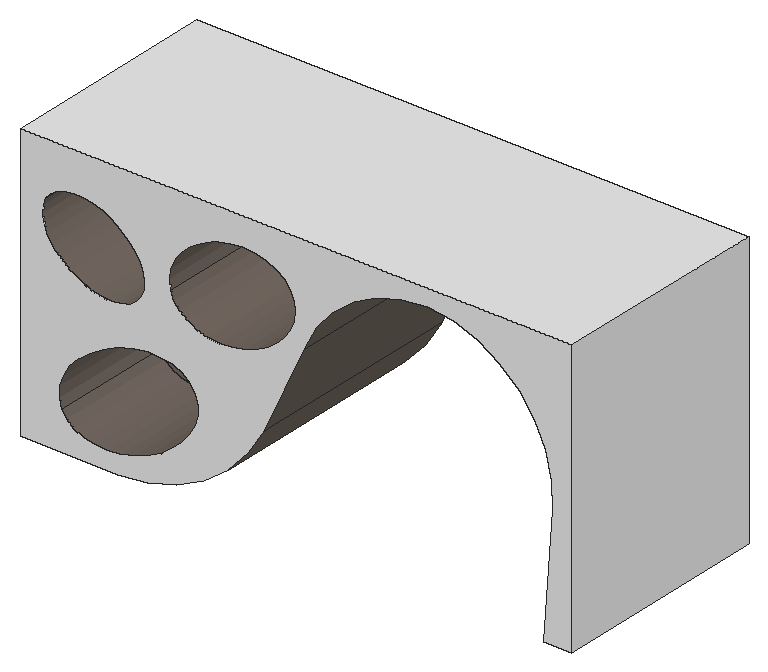
Revit family
Parameters
  Body Outer = Default
Reference planes (in)
  plane 1 "Center Front/Back": y = 0
  plane 2: z = 0
  plane 3 "Center Left/Right": x = 0
  plane 4: y = 12
  plane 5: z = 30
  plane 6 "left": x = -30
  plane 7 "right": x = 30
  plane 8: y = -12
Forms (in)
  Extrusion 1, void
    sketch origin (0, 0, 0) x (1, 0, 0) y (0, 0, 1)
      loop
        spline (-25.47125, 4.26397) -> (-24.69587, 3.19263) -> (-23.47527, 2.41605) -> (-21.89265, 1.98715) -> (-20.05585, 1.93515) -> (-18.09004, 2.26361) -> (-16.1292, 2.95014) -> (-14.30696, 3.94795) -> (-12.74748, 5.18905) -> (-11.55706, 6.58885) -> (-10.81682, 8.05196) -> (-10.57719, 9.47867) -> (-10.85452, 10.77176)
        spline (-10.85452, 10.77176) -> (-11.62991, 11.8431) -> (-12.8505, 12.61968) -> (-14.43312, 13.04859) -> (-16.26993, 13.10058) -> (-18.23573, 12.77212) -> (-20.19657, 12.08559) -> (-22.01882, 11.08778) -> (-23.57829, 9.84669) -> (-24.76871, 8.44689) -> (-25.50896, 6.98378) -> (-25.74858, 5.55706) -> (-25.47125, 4.26397)
      loop
        spline (-13.64286, 19.98989) -> (-13.07753, 18.80162) -> (-12.08995, 17.8178) -> (-10.74741, 17.10547) -> (-9.1414, 16.71317) -> (-7.38138, 16.66765) -> (-5.58729, 16.97199) -> (-3.88138, 17.60547) -> (-2.37992, 18.52491) -> (-1.18523, 19.66765) -> (-0.37872, 20.95581) -> (-0.01536, 22.30162) -> (-0.1199, 23.61335)
        spline (-0.1199, 23.61335) -> (-0.68523, 24.80162) -> (-1.67281, 25.78544) -> (-3.01536, 26.49777) -> (-4.62136, 26.89007) -> (-6.38138, 26.9356) -> (-8.17548, 26.63125) -> (-9.88138, 25.99777) -> (-11.38284, 25.07834) -> (-12.57753, 23.9356) -> (-13.38404, 22.64743) -> (-13.74741, 21.30162) -> (-13.64286, 19.98989)
      loop
        spline (-16.79861, 18.19034) -> (-16.45803, 19.18914) -> (-16.49477, 20.32432) -> (-16.90632, 21.51851) -> (-17.66464, 22.69034) -> (-18.71805, 23.75995) -> (-19.99477, 24.65445) -> (-21.40778, 25.31287) -> (-22.86079, 25.69034) -> (-24.25479, 25.76115) -> (-25.49477, 25.52047) -> (-26.49623, 24.9847) -> (-27.19092, 24.19034)
        spline (-27.19092, 24.19034) -> (-27.5315, 23.19155) -> (-27.49477, 22.05637) -> (-27.08321, 20.86218) -> (-26.32489, 19.69034) -> (-25.27148, 18.62074) -> (-23.99477, 17.72624) -> (-22.58175, 17.06782) -> (-21.12874, 16.69034) -> (-19.73475, 16.61953) -> (-18.49477, 16.86022) -> (-17.49331, 17.39599) -> (-16.79861, 18.19034)
    from -1.28328 to 17.66027
  Extrusion 2, solid
    sketch origin (0, 0, 0) x (1, 0, 0) y (0, 0, 1)
      loop
        arc (0.98158, 19.39398) -> (17.11395, 27.76755) -> (27.9197, 13.15228) r 14
        line (27.9197, 13.15228) -> (27, 0) -> (30, 0) -> (30, 30) -> (-30, 30) -> (-30, 0) -> (-19.41265, 0)
        arc (-19.41265, 0) -> (-9.98829, 2.66438) -> (-3.35393, 9.86874) r 18
        arc (-3.35393, 9.86874) -> (-1.08716, 14.58629) -> (0.98158, 19.39398) r 125.89953
    from -12 to 12
Cuts and joins
  Extrusion 1 cuts Extrusion 2
